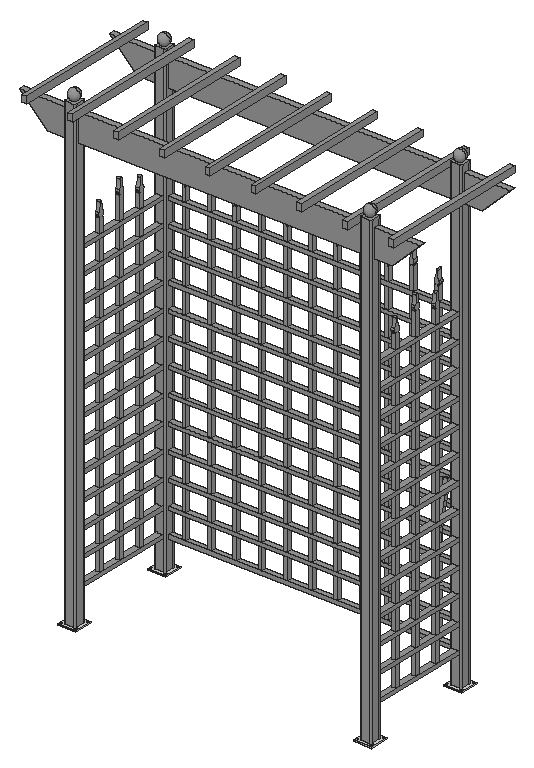
Revit family "Пергола без скамейки «Зимний сад»", category Мебель, Revit 2017
Family settings
  Номер OmniClass = 23.40.20.00
  Заголовок OmniClass = General Furniture and Specialties
  На основе рабочей плоскости = Нет
  Всегда вертикально = Да
  При загрузке вырезать с полостями = Нет
  Общий = Нет
  Точка расчета площади = Нет
Parameters (values of type "Пергола без скамейки «Зимний сад»")
  Стоимость = 38800
  Изготовитель = "ООО \"Хоббика\""
  URL = "https://hobbyka.ru/product/pergola_bez_skameyki_zimniy_sad/?sphrase_id=72353"
  ADSK_Размер_Ширина = 808 mm
  ADSK_Размер_Длина = 2138 mm
  ADSK_Размер_Высота = 2569 mm
  ADSK_Наименование = "Пергола без скамейки «Зимний сад»"
  ADSK_Материал перголы = Древесина крашеная
  ADSK_Код изделия = "10048"
Reference planes
  plane 1 "По центру (Вперед/Назад)": y = 0
  plane 2: z = 0
  plane 3 "По центру (Влево/Вправо)": x = 0
  plane 4 "1": z = 2506.75
  plane 5: y = 300
  plane 6: y = -300
  plane 7: x = -790.004
  plane 8: x = 789.996
  plane 9: z = 5
Forms (mm)
  Extrusion 1, solid, material "Древесина крашеная" <- "ADSK_Материал перголы"
    sketch origin (0, 0, 0) x (1, 0, 0) y (0, 1, 0)
      loop
        line (-768.004, 330) -> (-812.004, 330)
        arc (-812.004, 330) -> (-817.661, 327.657) -> (-820.004, 322) r 8
        line (-820.004, 322) -> (-820.004, 278)
        arc (-820.004, 278) -> (-817.66, 272.342) -> (-812.001, 270) r 8
        line (-812.001, 270) -> (-768.001, 270)
        arc (-768.001, 270) -> (-762.346, 272.344) -> (-760.004, 278) r 8
        line (-760.004, 278) -> (-760.004, 322)
        arc (-760.004, 322) -> (-762.347, 327.657) -> (-768.004, 330) r 8
      loop
        arc (-768.004, -330) -> (-762.347, -327.657) -> (-760.004, -322) r 8
        line (-760.004, -322) -> (-760.004, -278)
        arc (-760.004, -278) -> (-762.346, -272.344) -> (-768.001, -270) r 8
        line (-768.001, -270) -> (-812.001, -270)
        arc (-812.001, -270) -> (-817.66, -272.342) -> (-820.004, -278) r 8
        line (-820.004, -278) -> (-820.004, -322)
        arc (-820.004, -322) -> (-817.661, -327.657) -> (-812.004, -330) r 8
        line (-812.004, -330) -> (-768.004, -330)
      loop
        arc (768.004, 330) -> (762.347, 327.657) -> (760.004, 322) r 8
        line (760.004, 322) -> (760.004, 278)
        arc (760.004, 278) -> (762.346, 272.344) -> (768.001, 270) r 8
        line (768.001, 270) -> (812.001, 270)
        arc (812.001, 270) -> (817.66, 272.342) -> (820.004, 278) r 8
        line (820.004, 278) -> (820.004, 322)
        arc (820.004, 322) -> (817.661, 327.657) -> (812.004, 330) r 8
        line (812.004, 330) -> (768.004, 330)
      loop
        line (768.004, -330) -> (812.004, -330)
        arc (812.004, -330) -> (817.661, -327.657) -> (820.004, -322) r 8
        line (820.004, -322) -> (820.004, -278)
        arc (820.004, -278) -> (817.66, -272.342) -> (812.001, -270) r 8
        line (812.001, -270) -> (768.001, -270)
        arc (768.001, -270) -> (762.346, -272.344) -> (760.004, -278) r 8
        line (760.004, -278) -> (760.004, -322)
        arc (760.004, -322) -> (762.347, -327.657) -> (768.004, -330) r 8
    from 5 to 2506.75
  Revolve 2, solid, material "Древесина крашеная" <- "ADSK_Материал перголы"
    sketch origin (0, -300, 0) x (1, 0, 0) y (0, 0, 1)
      loop
        arc (-790.004, 2506.75) -> (-761.417, 2535.337) -> (-790.004, 2563.924) r 28.587
        line (-790.004, 2563.924) -> (-790.004, 2506.75)
      axis (-790.004, 2563.924) -> (-790.004, 2506.75)
    angle from 0 to 360
  Revolve 3, solid, material "Древесина крашеная" <- "ADSK_Материал перголы"
    sketch origin (0, 300, 0) x (1, 0, 0) y (0, 0, 1)
      loop
        arc (-790.004, 2506.75) -> (-761.417, 2535.337) -> (-790.004, 2563.924) r 28.587
        line (-790.004, 2563.924) -> (-790.004, 2506.75)
      axis (-790.004, 2563.924) -> (-790.004, 2506.75)
    angle from 0 to 360
  Extrusion 4, solid
    sketch origin (0, 0, 2506.75) x (-1, 0, 0) y (0, -1, 0)
      loop
        line (840.004, -350) -> (840.004, -250) -> (740.004, -250) -> (740.004, -350) -> (840.004, -350)
      loop
        circle (750.004, -340) r 5.5
      loop
        circle (830.004, -340) r 5.5
      loop
        circle (830.004, -260) r 5.5
      loop
        circle (750.004, -260) r 5.5
    from -2506.75 to -2501.75
  Extrusion 5, solid
    sketch origin (0, -600, 2506.75) x (-1, 0, 0) y (0, -1, 0)
      loop
        line (840.004, -350) -> (840.004, -250) -> (740.004, -250) -> (740.004, -350) -> (840.004, -350)
      loop
        circle (750.004, -340) r 5.5
      loop
        circle (830.004, -340) r 5.5
      loop
        circle (830.004, -260) r 5.5
      loop
        circle (750.004, -260) r 5.5
    from -2506.75 to -2501.75
  Extrusion 6, solid
    sketch origin (0, 0, 2506.75) x (1, 0, 0) y (0, 1, 0)
      loop
        line (840.004, 350) -> (740.004, 350) -> (740.004, 250) -> (840.004, 250) -> (840.004, 350)
      loop
        circle (750.004, 340) r 5.5
      loop
        circle (830.004, 340) r 5.5
      loop
        circle (830.004, 260) r 5.5
      loop
        circle (750.004, 260) r 5.5
    from -2506.75 to -2501.75
  Extrusion 7, solid
    sketch origin (0, -600, 2506.75) x (1, 0, 0) y (0, 1, 0)
      loop
        line (840.004, 350) -> (740.004, 350) -> (740.004, 250) -> (840.004, 250) -> (840.004, 350)
      loop
        circle (750.004, 340) r 5.5
      loop
        circle (830.004, 340) r 5.5
      loop
        circle (830.004, 260) r 5.5
      loop
        circle (750.004, 260) r 5.5
    from -2506.75 to -2501.75
  Revolve 8, solid, material "Древесина крашеная" <- "ADSK_Материал перголы"
    sketch origin (0, -300, 0) x (-1, 0, 0) y (0, 0, -1)
      loop
        line (-790.004, -2506.75) -> (-790.004, -2563.924)
        arc (-790.004, -2563.924) -> (-761.417, -2535.337) -> (-790.004, -2506.75) r 28.587
      axis (-790.004, -2563.924) -> (-790.004, -2506.75)
    angle from 0 to 360
  Revolve 9, solid, material "Древесина крашеная" <- "ADSK_Материал перголы"
    sketch origin (0, 300, 0) x (-1, 0, 0) y (0, 0, -1)
      loop
        line (-790.004, -2506.75) -> (-790.004, -2563.924)
        arc (-790.004, -2563.924) -> (-761.417, -2535.337) -> (-790.004, -2506.75) r 28.587
      axis (-790.004, -2563.924) -> (-790.004, -2506.75)
    angle from 0 to 360
  Extrusion 10, solid, material "Древесина крашеная" <- "ADSK_Материал перголы"
    sketch origin (0, 0, 0) x (0, 1, 0) y (0, 0, 1)
      loop
        line (-270, 1803.447) -> (-270, 1783.447) -> (270, 1783.447) -> (270, 1803.447) -> (-270, 1803.447)
      loop
        line (-270, 1668.447) -> (-270, 1648.447) -> (270, 1648.447) -> (270, 1668.447) -> (-270, 1668.447)
      loop
        line (-270, 1533.447) -> (-270, 1513.447) -> (270, 1513.447) -> (270, 1533.447) -> (-270, 1533.447)
      loop
        line (-270, 1398.447) -> (-270, 1378.447) -> (270, 1378.447) -> (270, 1398.447) -> (-270, 1398.447)
      loop
        line (-270, 1263.447) -> (-270, 1243.447) -> (270, 1243.447) -> (270, 1263.447) -> (-270, 1263.447)
      loop
        line (-270, 1128.447) -> (-270, 1108.447) -> (270, 1108.447) -> (270, 1128.447) -> (-270, 1128.447)
      loop
        line (-270, 993.447) -> (-270, 973.447) -> (270, 973.447) -> (270, 993.447) -> (-270, 993.447)
      loop
        line (-270, 858.447) -> (-270, 838.447) -> (270, 838.447) -> (270, 858.447) -> (-270, 858.447)
      loop
        line (-270, 723.447) -> (-270, 703.447) -> (270, 703.447) -> (270, 723.447) -> (-270, 723.447)
      loop
        line (-270, 588.447) -> (-270, 568.447) -> (270, 568.447) -> (270, 588.447) -> (-270, 588.447)
      loop
        line (-270, 453.447) -> (-270, 433.447) -> (270, 433.447) -> (270, 453.447) -> (-270, 453.447)
      loop
        line (-270, 318.447) -> (-270, 298.447) -> (270, 298.447) -> (270, 318.447) -> (-270, 318.447)
      loop
        line (-270, 183.447) -> (-270, 163.447) -> (270, 163.447) -> (270, 183.447) -> (-270, 183.447)
    from -805.004 to -775.004
  Extrusion 11, solid, material "Древесина крашеная" <- "ADSK_Материал перголы"
    sketch origin (0, 0, 0) x (0, 1, 0) y (0, 0, 1)
      loop
        line (-145, 1853.447) -> (-145, 183.447) -> (-125, 183.447) -> (-125, 1853.447) -> (-145, 1853.447)
      loop
        line (-10, 183.447) -> (10, 183.447) -> (10, 1903.447) -> (-10, 1903.447) -> (-10, 183.447)
      loop
        line (125, 1853.447) -> (125, 183.447) -> (145, 183.447) -> (145, 1853.447) -> (125, 1853.447)
    from -800.004 to -780.004
  Extrusion 12, solid, material "Древесина крашеная" <- "ADSK_Материал перголы"
    sketch origin (0, 0, 0) x (0, 1, 0) y (0, 0, -1)
      loop
        line (-270, -1803.447) -> (270, -1803.447) -> (270, -1783.447) -> (-270, -1783.447) -> (-270, -1803.447)
      loop
        line (-270, -1668.447) -> (270, -1668.447) -> (270, -1648.447) -> (-270, -1648.447) -> (-270, -1668.447)
      loop
        line (-270, -1533.447) -> (270, -1533.447) -> (270, -1513.447) -> (-270, -1513.447) -> (-270, -1533.447)
      loop
        line (-270, -1398.447) -> (270, -1398.447) -> (270, -1378.447) -> (-270, -1378.447) -> (-270, -1398.447)
      loop
        line (-270, -1263.447) -> (270, -1263.447) -> (270, -1243.447) -> (-270, -1243.447) -> (-270, -1263.447)
      loop
        line (-270, -1128.447) -> (270, -1128.447) -> (270, -1108.447) -> (-270, -1108.447) -> (-270, -1128.447)
      loop
        line (-270, -993.447) -> (270, -993.447) -> (270, -973.447) -> (-270, -973.447) -> (-270, -993.447)
      loop
        line (-270, -858.447) -> (270, -858.447) -> (270, -838.447) -> (-270, -838.447) -> (-270, -858.447)
      loop
        line (-270, -723.447) -> (270, -723.447) -> (270, -703.447) -> (-270, -703.447) -> (-270, -723.447)
      loop
        line (-270, -588.447) -> (270, -588.447) -> (270, -568.447) -> (-270, -568.447) -> (-270, -588.447)
      loop
        line (-270, -453.447) -> (270, -453.447) -> (270, -433.447) -> (-270, -433.447) -> (-270, -453.447)
      loop
        line (-270, -318.447) -> (270, -318.447) -> (270, -298.447) -> (-270, -298.447) -> (-270, -318.447)
      loop
        line (-270, -183.447) -> (270, -183.447) -> (270, -163.447) -> (-270, -163.447) -> (-270, -183.447)
    from -805.004 to -775.004
  Extrusion 13, solid, material "Древесина крашеная" <- "ADSK_Материал перголы"
    sketch origin (0, 0, 0) x (0, 1, 0) y (0, 0, -1)
      loop
        line (-145, -1853.447) -> (-125, -1853.447) -> (-125, -183.447) -> (-145, -183.447) -> (-145, -1853.447)
      loop
        line (-10, -183.447) -> (-10, -1903.447) -> (10, -1903.447) -> (10, -183.447) -> (-10, -183.447)
      loop
        line (125, -1853.447) -> (145, -1853.447) -> (145, -183.447) -> (125, -183.447) -> (125, -1853.447)
    from -800.004 to -780.004
  Extrusion 14, solid, material "Древесина крашеная" <- "ADSK_Материал перголы"
    sketch origin (0, 0, 0) x (1, 0, 0) y (0, 0, 1)
      loop
        line (-760.004, 163.447) -> (759.996, 163.447) -> (759.996, 183.447) -> (-760.004, 183.447) -> (-760.004, 163.447)
      loop
        line (-760.004, 298.447) -> (759.996, 298.447) -> (759.996, 318.447) -> (-760.004, 318.447) -> (-760.004, 298.447)
      loop
        line (-760.004, 433.447) -> (759.996, 433.447) -> (759.996, 453.447) -> (-760.004, 453.447) -> (-760.004, 433.447)
      loop
        line (-760.004, 568.447) -> (759.996, 568.447) -> (759.996, 588.447) -> (-760.004, 588.447) -> (-760.004, 568.447)
      loop
        line (-760.004, 703.447) -> (759.996, 703.447) -> (759.996, 723.447) -> (-760.004, 723.447) -> (-760.004, 703.447)
      loop
        line (-760.004, 838.447) -> (759.996, 838.447) -> (759.996, 858.447) -> (-760.004, 858.447) -> (-760.004, 838.447)
      loop
        line (-760.004, 973.447) -> (759.996, 973.447) -> (759.996, 993.447) -> (-760.004, 993.447) -> (-760.004, 973.447)
      loop
        line (-760.004, 1108.447) -> (759.996, 1108.447) -> (759.996, 1128.447) -> (-760.004, 1128.447) -> (-760.004, 1108.447)
      loop
        line (-760.004, 1243.447) -> (759.996, 1243.447) -> (759.996, 1263.447) -> (-760.004, 1263.447) -> (-760.004, 1243.447)
      loop
        line (-760.004, 1378.447) -> (759.996, 1378.447) -> (759.996, 1398.447) -> (-760.004, 1398.447) -> (-760.004, 1378.447)
      loop
        line (-760.004, 1513.447) -> (759.996, 1513.447) -> (759.996, 1533.447) -> (-760.004, 1533.447) -> (-760.004, 1513.447)
      loop
        line (-760.004, 1648.447) -> (759.996, 1648.447) -> (759.996, 1668.447) -> (-760.004, 1668.447) -> (-760.004, 1648.447)
      loop
        line (-760.004, 1783.447) -> (759.996, 1783.447) -> (759.996, 1803.447) -> (-760.004, 1803.447) -> (-760.004, 1783.447)
    from -315 to -285
  Extrusion 15, solid, material "Древесина крашеная" <- "ADSK_Материал перголы"
    sketch origin (0, 0, 0) x (1, 0, 0) y (0, 0, 1)
      loop
        line (684.996, 1853.447) -> (664.996, 1853.447) -> (664.996, 183.447) -> (684.996, 183.447) -> (684.996, 1853.447)
      loop
        line (549.996, 183.447) -> (549.996, 1903.447) -> (529.996, 1903.447) -> (529.996, 183.447) -> (549.996, 183.447)
      loop
        line (414.996, 1853.447) -> (394.996, 1853.447) -> (394.996, 183.447) -> (414.996, 183.447) -> (414.996, 1853.447)
      loop
        line (279.996, 183.447) -> (279.996, 1903.447) -> (259.996, 1903.447) -> (259.996, 183.447) -> (279.996, 183.447)
      loop
        line (144.996, 1853.447) -> (124.996, 1853.447) -> (124.996, 183.447) -> (144.996, 183.447) -> (144.996, 1853.447)
      loop
        line (9.996, 183.447) -> (9.996, 1903.447) -> (-10.004, 1903.447) -> (-10.004, 183.447) -> (9.996, 183.447)
      loop
        line (-125.004, 1853.447) -> (-145.004, 1853.447) -> (-145.004, 183.447) -> (-125.004, 183.447) -> (-125.004, 1853.447)
      loop
        line (-260.004, 183.447) -> (-260.004, 1903.447) -> (-280.004, 1903.447) -> (-280.004, 183.447) -> (-260.004, 183.447)
      loop
        line (-395.004, 1853.447) -> (-415.004, 1853.447) -> (-415.004, 183.447) -> (-395.004, 183.447) -> (-395.004, 1853.447)
      loop
        line (-530.004, 183.447) -> (-530.004, 1903.447) -> (-550.004, 1903.447) -> (-550.004, 183.447) -> (-530.004, 183.447)
      loop
        line (-665.004, 1853.447) -> (-685.004, 1853.447) -> (-685.004, 183.447) -> (-665.004, 183.447) -> (-665.004, 1853.447)
    from -310 to -290
  Extrusion 16, solid, material "Древесина крашеная" <- "ADSK_Материал перголы"
    sketch origin (0, 0, 0) x (0, 1, 0) y (0, 0, 1)
      loop
        line (125, 1853.447) -> (145, 1853.447) -> (145, 1876.877) -> (139.755, 1876.877) -> (139.755, 1881.577)
        arc (139.755, 1881.577) -> (143.541, 1883.426) -> (146.096, 1886.776) r 9.149
        arc (146.096, 1886.776) -> (147.82, 1894.876) -> (146.096, 1902.976) r 19.896
        arc (146.096, 1902.976) -> (138.598, 1927.169) -> (137, 1952.447) r 106.92
        arc (137, 1952.447) -> (135, 1954.447) -> (133, 1952.447) r 2
        arc (133, 1952.447) -> (131.402, 1927.169) -> (123.904, 1902.976) r 106.92
        arc (123.904, 1902.976) -> (122.18, 1894.876) -> (123.904, 1886.776) r 19.896
        arc (123.904, 1886.776) -> (126.459, 1883.426) -> (130.245, 1881.577) r 9.149
        line (130.245, 1881.577) -> (130.245, 1876.877) -> (125, 1876.877) -> (125, 1853.447)
      loop
        line (-10, 1903.447) -> (10, 1903.447) -> (10, 1926.877) -> (4.755, 1926.877) -> (4.755, 1931.577)
        arc (4.755, 1931.577) -> (8.541, 1933.426) -> (11.096, 1936.776) r 9.149
        arc (11.096, 1936.776) -> (12.82, 1944.876) -> (11.096, 1952.976) r 19.896
        arc (11.096, 1952.976) -> (3.598, 1977.169) -> (2, 2002.447) r 106.92
        arc (2, 2002.447) -> (0, 2004.447) -> (-2, 2002.447) r 2
        arc (-2, 2002.447) -> (-3.598, 1977.169) -> (-11.096, 1952.976) r 106.92
        arc (-11.096, 1952.976) -> (-12.82, 1944.876) -> (-11.096, 1936.776) r 19.896
        arc (-11.096, 1936.776) -> (-8.541, 1933.426) -> (-4.755, 1931.577) r 9.149
        line (-4.755, 1931.577) -> (-4.755, 1926.877) -> (-10, 1926.877) -> (-10, 1903.447)
      loop
        line (-145, 1853.447) -> (-125, 1853.447) -> (-125, 1876.877) -> (-130.245, 1876.877) -> (-130.245, 1881.577)
        arc (-130.245, 1881.577) -> (-126.459, 1883.426) -> (-123.904, 1886.776) r 9.149
        arc (-123.904, 1886.776) -> (-122.18, 1894.876) -> (-123.904, 1902.976) r 19.896
        arc (-123.904, 1902.976) -> (-131.402, 1927.169) -> (-133, 1952.447) r 106.92
        arc (-133, 1952.447) -> (-135, 1954.447) -> (-137, 1952.447) r 2
        arc (-137, 1952.447) -> (-138.598, 1927.169) -> (-146.096, 1902.976) r 106.92
        arc (-146.096, 1902.976) -> (-147.82, 1894.876) -> (-146.096, 1886.776) r 19.896
        arc (-146.096, 1886.776) -> (-143.541, 1883.426) -> (-139.755, 1881.577) r 9.149
        line (-139.755, 1881.577) -> (-139.755, 1876.877) -> (-145, 1876.877) -> (-145, 1853.447)
    from -800.004 to -780.004
  Extrusion 17, solid, material "Древесина крашеная" <- "ADSK_Материал перголы"
    sketch origin (0, 0, 0) x (0, 1, 0) y (0, 0, -1)
      loop
        line (125, -1853.447) -> (125, -1876.877) -> (130.245, -1876.877) -> (130.245, -1881.577)
        arc (130.245, -1881.577) -> (126.459, -1883.426) -> (123.904, -1886.776) r 9.149
        arc (123.904, -1886.776) -> (122.18, -1894.876) -> (123.904, -1902.976) r 19.896
        arc (123.904, -1902.976) -> (131.402, -1927.169) -> (133, -1952.447) r 106.92
        arc (133, -1952.447) -> (135, -1954.447) -> (137, -1952.447) r 2
        arc (137, -1952.447) -> (138.598, -1927.169) -> (146.096, -1902.976) r 106.92
        arc (146.096, -1902.976) -> (147.82, -1894.876) -> (146.096, -1886.776) r 19.896
        arc (146.096, -1886.776) -> (143.541, -1883.426) -> (139.755, -1881.577) r 9.149
        line (139.755, -1881.577) -> (139.755, -1876.877) -> (145, -1876.877) -> (145, -1853.447) -> (125, -1853.447)
      loop
        line (-10, -1903.447) -> (-10, -1926.877) -> (-4.755, -1926.877) -> (-4.755, -1931.577)
        arc (-4.755, -1931.577) -> (-8.541, -1933.426) -> (-11.096, -1936.776) r 9.149
        arc (-11.096, -1936.776) -> (-12.82, -1944.876) -> (-11.096, -1952.976) r 19.896
        arc (-11.096, -1952.976) -> (-3.598, -1977.169) -> (-2, -2002.447) r 106.92
        arc (-2, -2002.447) -> (0, -2004.447) -> (2, -2002.447) r 2
        arc (2, -2002.447) -> (3.598, -1977.169) -> (11.096, -1952.976) r 106.92
        arc (11.096, -1952.976) -> (12.82, -1944.876) -> (11.096, -1936.776) r 19.896
        arc (11.096, -1936.776) -> (8.541, -1933.426) -> (4.755, -1931.577) r 9.149
        line (4.755, -1931.577) -> (4.755, -1926.877) -> (10, -1926.877) -> (10, -1903.447) -> (-10, -1903.447)
      loop
        line (-145, -1853.447) -> (-145, -1876.877) -> (-139.755, -1876.877) -> (-139.755, -1881.577)
        arc (-139.755, -1881.577) -> (-143.541, -1883.426) -> (-146.096, -1886.776) r 9.149
        arc (-146.096, -1886.776) -> (-147.82, -1894.876) -> (-146.096, -1902.976) r 19.896
        arc (-146.096, -1902.976) -> (-138.598, -1927.169) -> (-137, -1952.447) r 106.92
        arc (-137, -1952.447) -> (-135, -1954.447) -> (-133, -1952.447) r 2
        arc (-133, -1952.447) -> (-131.402, -1927.169) -> (-123.904, -1902.976) r 106.92
        arc (-123.904, -1902.976) -> (-122.18, -1894.876) -> (-123.904, -1886.776) r 19.896
        arc (-123.904, -1886.776) -> (-126.459, -1883.426) -> (-130.245, -1881.577) r 9.149
        line (-130.245, -1881.577) -> (-130.245, -1876.877) -> (-125, -1876.877) -> (-125, -1853.447) -> (-145, -1853.447)
    from -800.004 to -780.004
  Extrusion 18, solid, material "Древесина крашеная" <- "ADSK_Материал перголы"
    sketch origin (0, 0, 0) x (1, 0, 0) y (0, 0, 1)
      loop
        arc (676.996, 1952.447) -> (674.996, 1954.447) -> (672.996, 1952.447) r 2
        arc (672.996, 1952.447) -> (671.398, 1927.169) -> (663.9, 1902.976) r 106.92
        arc (663.9, 1902.976) -> (662.176, 1894.876) -> (663.9, 1886.776) r 19.896
        arc (663.9, 1886.776) -> (666.455, 1883.426) -> (670.241, 1881.577) r 9.149
        line (670.241, 1881.577) -> (670.241, 1876.877) -> (664.996, 1876.877) -> (664.996, 1853.447) -> (684.996, 1853.447) -> (684.996, 1876.877) -> (679.751, 1876.877) -> (679.751, 1881.577)
        arc (679.751, 1881.577) -> (683.537, 1883.426) -> (686.092, 1886.776) r 9.149
        arc (686.092, 1886.776) -> (687.815, 1894.876) -> (686.092, 1902.976) r 19.896
        arc (686.092, 1902.976) -> (678.593, 1927.169) -> (676.996, 1952.447) r 106.92
      loop
        arc (541.996, 2002.447) -> (539.996, 2004.447) -> (537.996, 2002.447) r 2
        arc (537.996, 2002.447) -> (536.398, 1977.169) -> (528.9, 1952.976) r 106.92
        arc (528.9, 1952.976) -> (527.176, 1944.876) -> (528.9, 1936.776) r 19.896
        arc (528.9, 1936.776) -> (531.455, 1933.426) -> (535.241, 1931.577) r 9.149
        line (535.241, 1931.577) -> (535.241, 1926.877) -> (529.996, 1926.877) -> (529.996, 1903.447) -> (549.996, 1903.447) -> (549.996, 1926.877) -> (544.751, 1926.877) -> (544.751, 1931.577)
        arc (544.751, 1931.577) -> (548.537, 1933.426) -> (551.092, 1936.776) r 9.149
        arc (551.092, 1936.776) -> (552.815, 1944.876) -> (551.092, 1952.976) r 19.896
        arc (551.092, 1952.976) -> (543.593, 1977.169) -> (541.996, 2002.447) r 106.92
      loop
        arc (406.996, 1952.447) -> (404.996, 1954.447) -> (402.996, 1952.447) r 2
        arc (402.996, 1952.447) -> (401.398, 1927.169) -> (393.9, 1902.976) r 106.92
        arc (393.9, 1902.976) -> (392.176, 1894.876) -> (393.9, 1886.776) r 19.896
        arc (393.9, 1886.776) -> (396.455, 1883.426) -> (400.241, 1881.577) r 9.149
        line (400.241, 1881.577) -> (400.241, 1876.877) -> (394.996, 1876.877) -> (394.996, 1853.447) -> (414.996, 1853.447) -> (414.996, 1876.877) -> (409.751, 1876.877) -> (409.751, 1881.577)
        arc (409.751, 1881.577) -> (413.537, 1883.426) -> (416.092, 1886.776) r 9.149
        arc (416.092, 1886.776) -> (417.815, 1894.876) -> (416.092, 1902.976) r 19.896
        arc (416.092, 1902.976) -> (408.593, 1927.169) -> (406.996, 1952.447) r 106.92
      loop
        arc (271.996, 2002.447) -> (269.996, 2004.447) -> (267.996, 2002.447) r 2
        arc (267.996, 2002.447) -> (266.398, 1977.169) -> (258.9, 1952.976) r 106.92
        arc (258.9, 1952.976) -> (257.176, 1944.876) -> (258.9, 1936.776) r 19.896
        arc (258.9, 1936.776) -> (261.455, 1933.426) -> (265.241, 1931.577) r 9.149
        line (265.241, 1931.577) -> (265.241, 1926.877) -> (259.996, 1926.877) -> (259.996, 1903.447) -> (279.996, 1903.447) -> (279.996, 1926.877) -> (274.751, 1926.877) -> (274.751, 1931.577)
        arc (274.751, 1931.577) -> (278.537, 1933.426) -> (281.092, 1936.776) r 9.149
        arc (281.092, 1936.776) -> (282.815, 1944.876) -> (281.092, 1952.976) r 19.896
        arc (281.092, 1952.976) -> (273.593, 1977.169) -> (271.996, 2002.447) r 106.92
      loop
        arc (136.996, 1952.447) -> (134.996, 1954.447) -> (132.996, 1952.447) r 2
        arc (132.996, 1952.447) -> (131.398, 1927.169) -> (123.9, 1902.976) r 106.92
        arc (123.9, 1902.976) -> (122.176, 1894.876) -> (123.9, 1886.776) r 19.896
        arc (123.9, 1886.776) -> (126.455, 1883.426) -> (130.241, 1881.577) r 9.149
        line (130.241, 1881.577) -> (130.241, 1876.877) -> (124.996, 1876.877) -> (124.996, 1853.447) -> (144.996, 1853.447) -> (144.996, 1876.877) -> (139.751, 1876.877) -> (139.751, 1881.577)
        arc (139.751, 1881.577) -> (143.537, 1883.426) -> (146.092, 1886.776) r 9.149
        arc (146.092, 1886.776) -> (147.815, 1894.876) -> (146.092, 1902.976) r 19.896
        arc (146.092, 1902.976) -> (138.593, 1927.169) -> (136.996, 1952.447) r 106.92
      loop
        arc (1.996, 2002.447) -> (-0.004, 2004.447) -> (-2.004, 2002.447) r 2
        arc (-2.004, 2002.447) -> (-3.602, 1977.169) -> (-11.1, 1952.976) r 106.92
        arc (-11.1, 1952.976) -> (-12.824, 1944.876) -> (-11.1, 1936.776) r 19.896
        arc (-11.1, 1936.776) -> (-8.545, 1933.426) -> (-4.759, 1931.577) r 9.149
        line (-4.759, 1931.577) -> (-4.759, 1926.877) -> (-10.004, 1926.877) -> (-10.004, 1903.447) -> (9.996, 1903.447) -> (9.996, 1926.877) -> (4.751, 1926.877) -> (4.751, 1931.577)
        arc (4.751, 1931.577) -> (8.537, 1933.426) -> (11.092, 1936.776) r 9.149
        arc (11.092, 1936.776) -> (12.815, 1944.876) -> (11.092, 1952.976) r 19.896
        arc (11.092, 1952.976) -> (3.593, 1977.169) -> (1.996, 2002.447) r 106.92
      loop
        arc (-133.004, 1952.447) -> (-135.004, 1954.447) -> (-137.004, 1952.447) r 2
        arc (-137.004, 1952.447) -> (-138.602, 1927.169) -> (-146.1, 1902.976) r 106.92
        arc (-146.1, 1902.976) -> (-147.824, 1894.876) -> (-146.1, 1886.776) r 19.896
        arc (-146.1, 1886.776) -> (-143.545, 1883.426) -> (-139.759, 1881.577) r 9.149
        line (-139.759, 1881.577) -> (-139.759, 1876.877) -> (-145.004, 1876.877) -> (-145.004, 1853.447) -> (-125.004, 1853.447) -> (-125.004, 1876.877) -> (-130.249, 1876.877) -> (-130.249, 1881.577)
        arc (-130.249, 1881.577) -> (-126.463, 1883.426) -> (-123.908, 1886.776) r 9.149
        arc (-123.908, 1886.776) -> (-122.185, 1894.876) -> (-123.908, 1902.976) r 19.896
        arc (-123.908, 1902.976) -> (-131.407, 1927.169) -> (-133.004, 1952.447) r 106.92
      loop
        arc (-268.004, 2002.447) -> (-270.004, 2004.447) -> (-272.004, 2002.447) r 2
        arc (-272.004, 2002.447) -> (-273.602, 1977.169) -> (-281.1, 1952.976) r 106.92
        arc (-281.1, 1952.976) -> (-282.824, 1944.876) -> (-281.1, 1936.776) r 19.896
        arc (-281.1, 1936.776) -> (-278.545, 1933.426) -> (-274.759, 1931.577) r 9.149
        line (-274.759, 1931.577) -> (-274.759, 1926.877) -> (-280.004, 1926.877) -> (-280.004, 1903.447) -> (-260.004, 1903.447) -> (-260.004, 1926.877) -> (-265.249, 1926.877) -> (-265.249, 1931.577)
        arc (-265.249, 1931.577) -> (-261.463, 1933.426) -> (-258.908, 1936.776) r 9.149
        arc (-258.908, 1936.776) -> (-257.185, 1944.876) -> (-258.908, 1952.976) r 19.896
        arc (-258.908, 1952.976) -> (-266.407, 1977.169) -> (-268.004, 2002.447) r 106.92
      loop
        arc (-403.004, 1952.447) -> (-405.004, 1954.447) -> (-407.004, 1952.447) r 2
        arc (-407.004, 1952.447) -> (-408.602, 1927.169) -> (-416.1, 1902.976) r 106.92
        arc (-416.1, 1902.976) -> (-417.824, 1894.876) -> (-416.1, 1886.776) r 19.896
        arc (-416.1, 1886.776) -> (-413.545, 1883.426) -> (-409.759, 1881.577) r 9.149
        line (-409.759, 1881.577) -> (-409.759, 1876.877) -> (-415.004, 1876.877) -> (-415.004, 1853.447) -> (-395.004, 1853.447) -> (-395.004, 1876.877) -> (-400.249, 1876.877) -> (-400.249, 1881.577)
        arc (-400.249, 1881.577) -> (-396.463, 1883.426) -> (-393.908, 1886.776) r 9.149
        arc (-393.908, 1886.776) -> (-392.185, 1894.876) -> (-393.908, 1902.976) r 19.896
        arc (-393.908, 1902.976) -> (-401.407, 1927.169) -> (-403.004, 1952.447) r 106.92
      loop
        arc (-538.004, 2002.447) -> (-540.004, 2004.447) -> (-542.004, 2002.447) r 2
        arc (-542.004, 2002.447) -> (-543.602, 1977.169) -> (-551.1, 1952.976) r 106.92
        arc (-551.1, 1952.976) -> (-552.824, 1944.876) -> (-551.1, 1936.776) r 19.896
        arc (-551.1, 1936.776) -> (-548.545, 1933.426) -> (-544.759, 1931.577) r 9.149
        line (-544.759, 1931.577) -> (-544.759, 1926.877) -> (-550.004, 1926.877) -> (-550.004, 1903.447) -> (-530.004, 1903.447) -> (-530.004, 1926.877) -> (-535.249, 1926.877) -> (-535.249, 1931.577)
        arc (-535.249, 1931.577) -> (-531.463, 1933.426) -> (-528.908, 1936.776) r 9.149
        arc (-528.908, 1936.776) -> (-527.185, 1944.876) -> (-528.908, 1952.976) r 19.896
        arc (-528.908, 1952.976) -> (-536.407, 1977.169) -> (-538.004, 2002.447) r 106.92
      loop
        arc (-673.004, 1952.447) -> (-675.004, 1954.447) -> (-677.004, 1952.447) r 2
        arc (-677.004, 1952.447) -> (-678.602, 1927.169) -> (-686.1, 1902.976) r 106.92
        arc (-686.1, 1902.976) -> (-687.824, 1894.876) -> (-686.1, 1886.776) r 19.896
        arc (-686.1, 1886.776) -> (-683.545, 1883.426) -> (-679.759, 1881.577) r 9.149
        line (-679.759, 1881.577) -> (-679.759, 1876.877) -> (-685.004, 1876.877) -> (-685.004, 1853.447) -> (-665.004, 1853.447) -> (-665.004, 1876.877) -> (-670.249, 1876.877) -> (-670.249, 1881.577)
        arc (-670.249, 1881.577) -> (-666.463, 1883.426) -> (-663.908, 1886.776) r 9.149
        arc (-663.908, 1886.776) -> (-662.185, 1894.876) -> (-663.908, 1902.976) r 19.896
        arc (-663.908, 1902.976) -> (-671.407, 1927.169) -> (-673.004, 1952.447) r 106.92
    from -310 to -290
  Extrusion 19, solid, material "Древесина крашеная" <- "ADSK_Материал перголы"
    sketch origin (0, 0, 0) x (1, 0, 0) y (0, 0, 1)
      loop
        line (1068.996, 2470.05) -> (-1069.004, 2470.05) -> (-920.004, 2321.05) -> (919.996, 2321.05) -> (1068.996, 2470.05)
    from 286 to 314
  Extrusion 20, solid, material "Древесина крашеная" <- "ADSK_Материал перголы"
    sketch origin (0, 600, 0) x (1, 0, 0) y (0, 0, 1)
      loop
        line (1068.996, 2470.05) -> (-1069.004, 2470.05) -> (-920.004, 2321.05) -> (919.996, 2321.05) -> (1068.996, 2470.05)
    from 286 to 314
  Extrusion 21, solid, material "Древесина крашеная" <- "ADSK_Материал перголы"
    sketch origin (0, 0, 0) x (1, 0, 0) y (0, 0, 1)
      loop
        line (-991.404, 2470.05) -> (-966.404, 2470.05) -> (-966.404, 2505.05) -> (-991.404, 2505.05) -> (-991.404, 2470.05)
      loop
        line (-746.678, 2470.05) -> (-721.678, 2470.05) -> (-721.678, 2505.05) -> (-746.678, 2505.05) -> (-746.678, 2470.05)
      loop
        line (-501.952, 2470.05) -> (-476.952, 2470.05) -> (-476.952, 2505.05) -> (-501.952, 2505.05) -> (-501.952, 2470.05)
      loop
        line (-257.226, 2470.05) -> (-232.226, 2470.05) -> (-232.226, 2505.05) -> (-257.226, 2505.05) -> (-257.226, 2470.05)
      loop
        line (-12.5, 2470.05) -> (12.5, 2470.05) -> (12.5, 2505.05) -> (-12.5, 2505.05) -> (-12.5, 2470.05)
      loop
        line (232.226, 2470.05) -> (257.226, 2470.05) -> (257.226, 2505.05) -> (232.226, 2505.05) -> (232.226, 2470.05)
      loop
        line (476.952, 2470.05) -> (501.952, 2470.05) -> (501.952, 2505.05) -> (476.952, 2505.05) -> (476.952, 2470.05)
      loop
        line (721.678, 2470.05) -> (746.678, 2470.05) -> (746.678, 2505.05) -> (721.678, 2505.05) -> (721.678, 2470.05)
      loop
        line (966.404, 2470.05) -> (991.404, 2470.05) -> (991.404, 2505.05) -> (966.404, 2505.05) -> (966.404, 2470.05)
    from -411 to 397
  Extrusion 22, solid, material "Алюминий"
    sketch origin (0, 0, 0) x (0, 1, 0) y (0, 0, -1)
      loop
        arc (270.287, -990.983) -> (209.078, -740.179) -> (184.991, -483.141) r 1770.643
        line (184.991, -483.141) -> (169.989, -483.196)
        arc (169.989, -483.196) -> (194.231, -742.34) -> (255.888, -995.207) r 1785.643
        line (255.888, -995.207) -> (270.287, -990.983)
    from -758.004 to -740.004
Cuts and joins
  joined: Extrusion 12, Extrusion 13, Extrusion 17
  joined: Extrusion 10, Extrusion 11, Extrusion 14, Extrusion 15, Extrusion 16, Extrusion 18
Dimensions and locks
  plane 4 "1" to level = 2506.75 mm
  aligned and locked: level to plane 2
  aligned and locked: plane 4 "1" to Extrusion 1
  aligned and locked: Extrusion 4 to level
  aligned and locked: plane 9 to Extrusion 4
  aligned and locked: Extrusion 1 to Extrusion 6
  aligned and locked: Extrusion 17 to cut or joined group of Extrusion 12, Extrusion 13, Extrusion 17  (x2)
  aligned and locked: Extrusion 18 to cut or joined group of Extrusion 10, Extrusion 11, Extrusion 14, Extrusion 15, Extrusion 16, Extrusion 18  (x2)
